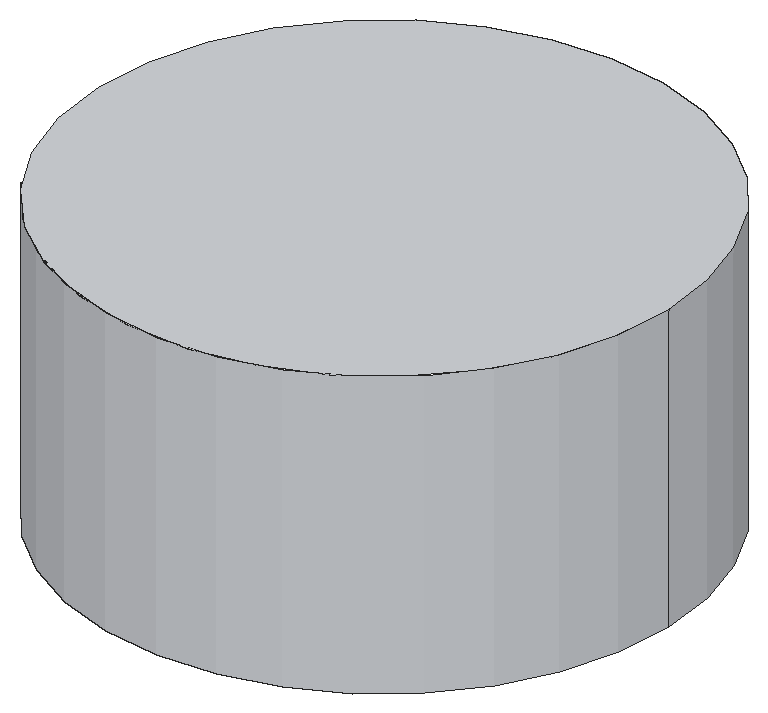
Revit family "ASF-8-C4", category Mechanical Equipment, Revit 2023
Family settings
  Round Connector Dimension = Use Diameter
  Classification = None
  Part Type = Normal
  OmniClass Number = 23.75.00.00
  OmniClass Title = Climate Control (HVAC)
  Work Plane-Based = No
  Always vertical = Yes
  Cut with Voids When Loaded = No
  Maintain Annotation Orientation = No
  Shared = No
  Room Calculation Point = No
Parameters (values of type "Standard")
  Volume = 0.0382419 CF
  Title = "Aura Solar Attic Fan - 8\" Diameter, 4\" Tall Collar"
  Subject = "ASF-8-C4"
  Requested Accuracy = "Low"
  Part Number = "ASF-8-C4"
  Mass = 6.23512 lbm
  Designer = "CAD Machine"
  Design State = 1
  Density = 163.044 lb/ft³
  Default Elevation = 0' - 0"
  Creation Date = "11/14/2022"
  Connector_1_Diameter = 0' - 7 3/4"
  Center of Gravity = "X: 0.012 in Y: 4.100 in Z: -0.023 in"
  Author = "CAD Machine"
  Area = 17.3001 SF
Reference planes (in)
  plane 1 "Center (Front/Back)": y = 0
  plane 2: z = 0
  plane 3 "Center (Left/Right)": x = 0
Forms (in)
  Extrusion 1, solid
    sketch origin (0, 0, -4.83728) x (1, 0, 0) y (0, 1, 0)
      loop
        circle (0, 0) r 0.12
    from 0 to -0.12
Dimensions and locks (in)
  aligned and locked: plane 2 to level
Connectors (in)
  hvac at (0, 0, -4.83728), driven by "Connector_1_Diameter"
    settings: on Extrusion 1, index 1, duct flow 0 CFM, flow factor 0, pres drop 0.00 in-wg, loss coef 0, conn angle 0.00°, conn width 12", conn height 12", conn diameter 7 3/4", duct sys type 3, conn prof type 0, flow config 1, flow direction 1, loss method 0, conn ref index -1, conn util no, is conn primary yes, conn desc ""
